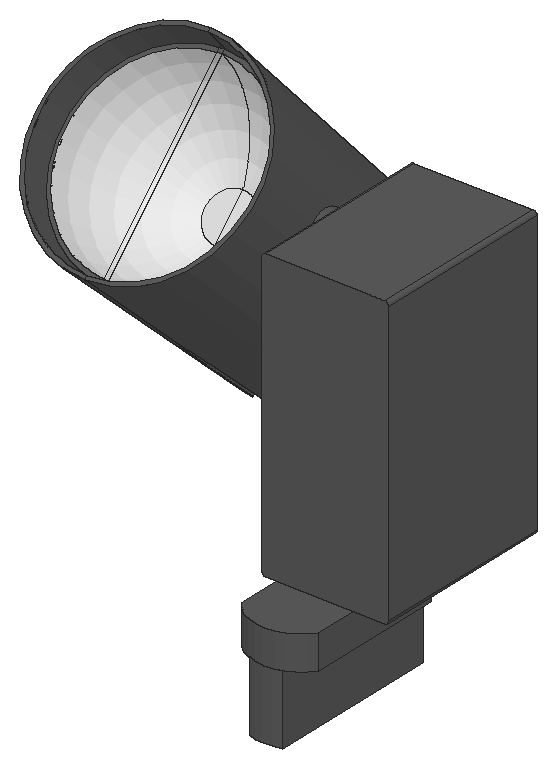
Revit family "0004897 Feilo Sylvania Lighting Fixture START TRACK SPOT S 14W 4K RA90 WB BLACK", category Lighting Fixtures, host Face, Revit 2017 (continued)
Definition of nested family "Start Track Spot Head"
  Types (96, lengths in mm): name | Wattage | built-in parameter 1150134 | Photometric Web File | Model | built-in parameter 1150105 | Lumens | built-in parameter 1150107 | built-in parameter 1150106 | HeadThickness_FEILO | HeadRibOffset_FEILO | HeadRibDepth_FEILO | HeadRibCutWidth_FEILO | HeadRibCutOffset_FEILO | HeadReflectorRadius_FEILO | HeadReflectorOffset_FEILO | HeadLEDRadius_FEILO | HeadHeight_FEILO | HeadDiffusorOffset_FEILO | HeadDiaOut_FEILO | HeadDiaIn_FEILO | HeadAxisFromTop_FEILO | Emit from Circle Diameter | built-in parameter 1150104 | Description | Apparent Load
    0004812 START TRACK SPOT S 14W 3K RA80 MB WHITE | 14 W | (empty or 0) | "0004812.ies" | "START TRACK SPOT S 14W 3K RA80 MB WHITE" | 120.32 (stored number, unit not read) | 1512 lm | 3000 (stored number, unit not read) | 1.2032 (stored number, unit not read) | 1.5 | 4.179 | 55.714 | 7.167 | 50.87 | 50.588 | 55.714 | 9.556 | 117 | 9.435 | 86 | 77.477 | 69.354 | 77.477 | 10.034 (stored number, unit not read) | "Integrated LED spotlight, Textured White - RAL9016, compact and minimalist design, ideal for retail applications, die-cast aluminium body, passive cooling heatsink. Beam angle: 36°, color temperature: 3000K , total system power: 14W, total fixture output: 1508 lm, LOR: 100%, colour rendering: Ra: 80 typical, LED Chromaticity: 3 step MacAdam ellipse, lifetime: >50000 hours at L70B50, energy class: A++, A+, A, IR/UV free light source without heat radiation, operating voltage: 220-240V / 50-60Hz, drive current: 350mA, electronic driver, non-dimmable, power factor: 0.92, electrical protection: Class II, Global Track 3 Phase adapter suitable for Global trac 3-circuit tracks, ingress protection rating: IP20, suitable for internal environment only, horizontal rotation: 355°, vertical tilt: 90°, dimensions: Ø86x140x200, weight: 0.940kg." | 14 VA
    0004811 START TRACK SPOT S 14W 3K RA80 NB WHITE | 14 W | (empty or 0) | "0004811.ies" | "START TRACK SPOT S 14W 3K RA80 NB WHITE" | 123.66 (stored number, unit not read) | 1554 lm | 3000 (stored number, unit not read) | 1.2366 (stored number, unit not read) | 1.5 | 4.179 | 55.714 | 7.167 | 50.87 | 50.588 | 55.714 | 9.556 | 117 | 9.435 | 86 | 77.477 | 69.354 | 77.477 | 10.312 (stored number, unit not read) | "Integrated LED spotlight, Textured White - RAL9016, compact and minimalist design, ideal for retail applications, die-cast aluminium body, passive cooling heatsink. Beam angle: 12°, color temperature: 3000K , total system power: 14W, total fixture output: 1551 lm, LOR: 100%, colour rendering: Ra: 80 typical, LED Chromaticity: 3 step MacAdam ellipse, lifetime: >50000 hours at L70B50, energy class: A++, A+, A, IR/UV free light source without heat radiation, operating voltage: 220-240V / 50-60Hz, drive current: 350mA, electronic driver, non-dimmable, power factor: 0.92, electrical protection: Class II, Global Track 3 Phase adapter suitable for Global trac 3-circuit tracks, ingress protection rating: IP20, suitable for internal environment only, horizontal rotation: 355°, vertical tilt: 90°, dimensions: Ø86x140x200, weight: 0.940kg." | 14 VA
  Reference planes
    plane 1 "Center (Front/Back)": y = 0
    plane 2: z = 0
    plane 3 "Center (Left/Right)": x = 0
    plane 4: x = 43
    plane 5: x = -43
    plane 6: x = -38.739
    plane 7: x = 38.739
    plane 8: z = 69.354
    plane 9: z = -47.646
    plane 10: x = -41.5
    plane 11: x = -37.239
    plane 12: z = -38.211
    plane 13: z = -35.211
    plane 14: z = 8.068
    plane 15: x = -9.556
    plane 16: x = -28.667
    plane 17: x = -19.111
    plane 18: x = -27.167
    plane 19: x = -17.611
    plane 20: x = -8.056
    plane 21: z = 13.64
    plane 22: x = -29.667
    plane 23: x = -26.167
    plane 24: x = -20.111
    plane 25: x = -16.611
    plane 26: x = -10.556
    plane 27: x = -7.056
    plane 28: x = -36.239
    plane 29: x = -40.5
    plane 30: z = 65.175
    plane 31: z = 60.997
    plane 32: z = 56.818
    plane 33: z = 18.484
    plane 34: y = -43
    plane 35: y = 43
    plane 36: y = 3.583
    plane 37: y = -3.583
    plane 38: y = -2.583
    plane 39: y = 2.583
    plane 40: y = 46
    plane 41: z = 13.5
    plane 42: z = -13.5
    plane 43: y = 39
    plane 44: x = 4.708
    plane 45: x = -2.458
    plane 46: x = -1.458
    plane 47: x = 1.458
  Forms (mm)
    Extrusion 1, solid
      sketch origin (4.2, 0, 0) x (1, 0, 0) y (0, 1, 0)
        loop
          line (-1219.2, 1219.2) -> (-1219.2, -1219.2) -> (1219.2, -1219.2) -> (1219.2, 1219.2) -> (-1219.2, 1219.2)
      from 0 to -68.017
    Revolve 2, solid, material <- "Material_1_FEILO", detail levels medium+fine
      sketch origin (0, 0, 0) x (1, 0, 0) y (0, 0, 1)
        loop
          line (-43, -47.646) -> (-41.5, -47.646) -> (-40.5, -35.211) -> (-38.739, -35.211)
          arc (-38.739, -35.211) -> (-30.16, -9.517) -> (-9.556, 8.068) r 50.588
          line (-9.556, 8.068) -> (0, 8.068) -> (0, 13.64) -> (-16.611, 13.64) -> (-17.611, 60.997) -> (-19.111, 60.997) -> (-20.111, 13.64) -> (-36.239, 13.64) -> (-37.239, 69.354) -> (-38.739, 69.354) -> (-43, -47.646)
        axis (0, 69.354) -> (0, -47.646)
      angle from 360 to 0
    Extrusion 3, void
      sketch origin (0, 0, 0) x (0, 1, 0) y (0, 0, 1)
        loop
          line (-3.583, 69.354) -> (-2.583, 18.484) -> (1.932, 18.484) -> (2.932, 69.354) -> (-3.583, 69.354)
      from 43 to -43
    Revolve 4, solid, material <- "Material_2_FEILO", detail levels medium+fine
      sketch origin (0, 0, 0) x (1, 0, 0) y (0, 0, 1)
        loop
          line (-41.5, -38.211) -> (0, -38.211) -> (0, -35.211) -> (-41.5, -35.211) -> (-41.5, -38.211)
        axis (0, -35.211) -> (0, -38.211)
      angle from 360 to 0
    Revolve 5, solid, material <- "Material_1_FEILO"
      sketch origin (0, 0, 0) x (0, 1, 0) y (0, 0, 1)
        loop
          line (46, 0) -> (39, 0) -> (39, -13.5) -> (46, -13.5) -> (46, 0)
        axis (39, 0) -> (46, 0)
      angle from 360 to 0
    Revolve 6, solid, material <- "Material_1_FEILO", detail levels medium+fine
      sketch origin (0, 0, 0) x (1, 0, 0) y (0, 0, 1)
        loop
          line (-29.667, 13.64) -> (-26.167, 13.64) -> (-27.167, 65.175) -> (-28.667, 65.175) -> (-29.667, 13.64)
        loop
          line (-10.556, 13.64) -> (-7.056, 13.64) -> (-7.833, 56.818) -> (-9.778, 56.818) -> (-10.556, 13.64)
        axis (0, 65.175) -> (0, 13.64)
      angle from 360 to 0
    Extrusion 7, void
      sketch origin (0, 0, 0) x (1, 0, 0) y (0, 0, 1)
        loop
          line (4.708, 69.354) -> (-2.458, 69.354) -> (-1.458, 13.64) -> (1.458, 13.64) -> (4.708, 69.354)
      from -43 to 43
    Revolve 8, solid, material <- "Material_1_FEILO", detail levels coarse
      sketch origin (0, 0, 0) x (1, 0, 0) y (0, 0, 1)
        loop
          line (0, 69.354) -> (-38.739, 69.354) -> (-43, -47.646) -> (-41.5, -47.646) -> (-40.731, -38.211) -> (0, -38.211) -> (0, 69.354)
        axis (0, 69.354) -> (0, -47.646)
      angle from 360 to 0
  Cuts and joins
    Extrusion 3 cuts Revolve 2
    Extrusion 7 cuts Revolve 6
  Dimensions and locks
    equal spacing: plane 7, plane 3 "Center (Left/Right)", plane 6
    equal spacing: plane 4, plane 3 "Center (Left/Right)", plane 5
    "HeadDiaOut_FEILO": plane 4 to plane 5
    "HeadDiaIn_FEILO": plane 7 to plane 6
    "HeadHeight_FEILO": plane 8 to plane 9
    "HeadThickness_FEILO": plane 10 to plane 5
    "HeadThickness_FEILO": plane 11 to plane 6
    "HeadDiffusorOffset_FEILO": plane 12 to plane 9
    "HeadDiffusorThickness_FEILO": plane 13 to plane 12
    "HeadReflectorOffset_FEILO": plane 14 to plane 9
    "HeadLEDRadius_FEILO": plane 3 "Center (Left/Right)" to plane 15
    "HeadLEDRadius_FEILO": plane 15 to plane 17
    "HeadLEDRadius_FEILO": plane 17 to plane 16
    "HeadThickness_FEILO": plane 18 to plane 16
    "HeadThickness_FEILO": plane 19 to plane 17
    "HeadThickness_FEILO": plane 20 to plane 15
    "HeadRibDepth_FEILO": plane 8 to plane 21
    "HeadDraft_FEILO": plane 16 to plane 22
    "HeadDraft_FEILO": plane 23 to plane 18
    "HeadDraft_FEILO": plane 17 to plane 24
    "HeadDraft_FEILO": plane 25 to plane 19
    "HeadDraft_FEILO": plane 15 to plane 26
    "HeadDraft_FEILO": plane 27 to plane 20
    "HeadDraft_FEILO": plane 29 to plane 10
    "HeadDraft_FEILO": plane 28 to plane 11
    "HeadRibOffset_FEILO": plane 8 to plane 30
    "HeadRibOffset_FEILO": plane 30 to plane 31
    "HeadRibOffset_FEILO": plane 31 to plane 32
    "HeadAxisFromTop_FEILO": plane 8 to plane 2
    "HeadRibCutOffset_FEILO": plane 8 to plane 33
    equal spacing: plane 34, plane 1 "Center (Front/Back)", plane 35
    "HeadDiaOut_FEILO": plane 34 to plane 35
    equal spacing: plane 38, plane 1 "Center (Front/Back)", plane 39
    equal spacing: plane 37, plane 1 "Center (Front/Back)", plane 36
    "HeadRibCutWidth_FEILO": plane 37 to plane 36
    "HeadDraft_FEILO": plane 37 to plane 38
    locked: plane 35 to plane 40 at 3
    equal spacing: plane 41, plane 2, plane 42
    locked: plane 42 to plane 41 at 27
    locked: plane 43 to plane 35 at 4
    equal spacing: plane 45, imposter light, plane 44
    "HeadDraft_FEILO": plane 46 to plane 45
    "HeadRibCutWidth_FEILO": plane 44 to plane 45
    equal spacing: plane 47, plane 3 "Center (Left/Right)", plane 46
    "HeadReflectorRadius_FEILO": radius of Revolve 2 sketch curve
    aligned and locked: plane 2 to Extrusion 1
    aligned and locked: level to Extrusion 1
    aligned and locked: Revolve 2 sketch curve to plane 3 "Center (Left/Right)"  (x2)
    aligned and locked: plane 9 to Revolve 2 sketch curve  (x2)
    aligned and locked: plane 5 to Revolve 2 sketch curve
    aligned and locked: plane 10 to Revolve 2 sketch curve
    aligned and locked: plane 14 to Revolve 2 sketch curve
    aligned and locked: plane 8 to Revolve 2 sketch curve
    aligned and locked: Revolve 2 sketch curve to plane 13
    aligned and locked: plane 12 to Revolve 4 sketch curve
    aligned and locked: plane 3 "Center (Left/Right)" to Revolve 4 sketch curve
    aligned and locked: Revolve 4 sketch curve to plane 10
    aligned and locked: Revolve 4 sketch curve to plane 3 "Center (Left/Right)"
    aligned and locked: plane 12 to imposter light
    aligned and locked: imposter light to plane 1 "Center (Front/Back)"
    aligned and locked: Revolve 5 sketch curve to plane 2
    aligned and locked: plane 43 to Revolve 5 sketch curve
    aligned and locked: plane 42 to Revolve 5 sketch curve
    aligned and locked: Revolve 6 sketch curve to plane 3 "Center (Left/Right)"
    aligned and locked: plane 22 to Revolve 6 sketch curve
    aligned and locked: plane 30 to Revolve 6 sketch curve
    aligned and locked: plane 23 to Revolve 6 sketch curve
    aligned and locked: Revolve 6 sketch curve to plane 21  (x2)
    aligned and locked: plane 21 to Revolve 6 sketch curve
    aligned and locked: plane 17 to Revolve 2 sketch curve
    aligned and locked: plane 19 to Revolve 2 sketch curve
    aligned and locked: plane 31 to Revolve 2 sketch curve
    aligned and locked: plane 21 to Revolve 2 sketch curve
    aligned and locked: Extrusion 3 to plane 8
    aligned and locked: plane 33 to Extrusion 3
    aligned and locked: plane 8 to Extrusion 3 sketch curve
    aligned and locked: Extrusion 3 sketch curve to plane 33
    aligned and locked: Extrusion 3 to plane 5
    aligned and locked: plane 4 to Extrusion 3
    aligned and locked: plane 32 to Revolve 6 sketch curve
    aligned and locked: plane 44 to Extrusion 7 sketch curve
    aligned and locked: Extrusion 7 sketch curve to plane 8
    aligned and locked: plane 46 to Extrusion 7 sketch curve
    aligned and locked: plane 21 to Extrusion 7 sketch curve
    aligned and locked: plane 34 to Extrusion 7
    aligned and locked: Extrusion 7 to plane 35
    aligned and locked: Revolve 4 sketch curve to plane 13
    aligned and locked: Revolve 5 sketch curve to plane 40
    aligned and locked: Revolve 8 sketch curve to plane 3 "Center (Left/Right)"
    aligned and locked: Revolve 8 sketch curve to cut or joined group of Revolve 2, Extrusion 3  (x3)
    aligned and locked: plane 5 to Revolve 8 sketch curve
    aligned and locked: plane 3 "Center (Left/Right)" to Revolve 8 sketch curve
    aligned and locked: plane 12 to Revolve 8 sketch curve
  Automatic sketch dimensions
    Extrusion 1 sketch curve to Extrusion 1 sketch curve = 2438.4 mm  (x2)
    Extrusion 3 sketch curve to plane 37 = 0 mm
    Extrusion 3 sketch curve to plane 38 = 0 mm
    plane 39 to Extrusion 3 sketch curve = 0.651 mm
    Extrusion 3 sketch curve to plane 39 = 0.349 mm
    Revolve 6 sketch curve to plane 16 = 0 mm
    Revolve 6 sketch curve to plane 18 = 0 mm
    Revolve 6 sketch curve to plane 26 = 0 mm
    Revolve 6 sketch curve to plane 27 = 0 mm
    Revolve 6 sketch curve to plane 15 = 0.222 mm
    plane 9 to Revolve 6 sketch curve = 559.103 mm
    Revolve 6 sketch curve to plane 8 = 2535.555 mm
    plane 20 to Revolve 6 sketch curve = 0.222 mm
    Revolve 2 sketch curve to plane 29 = 0 mm
    Revolve 2 sketch curve to plane 6 = 0 mm  (x2)
    Revolve 2 sketch curve to plane 11 = 0 mm
    Revolve 2 sketch curve to plane 21 = 0 mm
    Revolve 2 sketch curve to plane 28 = 0 mm
    Revolve 2 sketch curve to plane 24 = 0 mm
    Revolve 2 sketch curve to plane 25 = 0 mm
    Revolve 2 sketch curve to plane 15 = 0 mm
    Revolve 2 sketch curve to Revolve 2 sketch curve = 557.155 mm
    Revolve 2 sketch curve to plane 8 = 2535.558 mm
    Extrusion 7 sketch curve to plane 45 = 0 mm
    Extrusion 7 sketch curve to plane 47 = 0 mm
    plane 9 to Revolve 4 sketch curve = 559.103 mm
    Revolve 4 sketch curve to plane 8 = 2535.555 mm
    Revolve 5 sketch curve to level = 0 mm
    plane 34 to Revolve 5 sketch curve = 1968.092 mm
    Revolve 5 sketch curve to plane 40 = 1405.763 mm
    Revolve 8 sketch curve to plane 6 = 0 mm
    Revolve 8 sketch curve to plane 29 = 0.231 mm
    plane 9 to Revolve 8 sketch curve = 559.103 mm
    Revolve 8 sketch curve to Revolve 8 sketch curve = 2535.555 mm
Definition of nested family "Start Track Spot Box"
  Parameters (values of type "Type Large White")
    URL = "http://www.feilosylvania.com"
    Type Image = (empty or 0)
    Type Comments = "n/a"
    Small_FEILO = no
    Material_3_FEILO = none
    Model = ""
    Manufacturer = "Feilo Sylvania"
    Keynote = ""
    Material_2_FEILO = none
    Description = ""
    Default Elevation = 1219.2 mm
    Cost = 0
    Material_1_FEILO = none
    BoxWidth_FEILO = 49 mm
    BoxStartAngle_FEILO [instance] = 0.00°
    BoxRadius_FEILO = 1.5 mm
    BoxHeight_FEILO = if(Small_FEILO, 112 mm, 136 mm)  # 136 mm
    BoxEndAngle_FEILO [instance] = BoxStartAngle_FEILO - 180.00°  # -180.00°
    BoxDepth_FEILO = if(Small_FEILO, 71.5 mm, 79 mm)  # 79 mm
    BoxAxisVerticalOffset_FEILO = 16 mm
    BoxAxisOffset_FEILO = BoxHeight_FEILO / 6.8  # 20 mm
    Assembly Code = ""
    Material_4_FEILO = none
  Types (4, lengths in mm): name | Small_FEILO | BoxHeight_FEILO | BoxDepth_FEILO | BoxAxisOffset_FEILO
    Type Large White | no | 136 | 79 | 20
    Type Small White | yes | 112 | 71.5 | 16.471
    Type Small Black | yes | 112 | 71.5 | 16.471
    Type Large Black | no | 136 | 79 | 20
  Reference planes
    plane 1 "Center (Front/Back)": y = 0
    plane 2: z = 0
    plane 3 "Center (Left/Right)": x = 0
    plane 4: x = 24.5
    plane 5: x = -24.5
    plane 6: y = 68
    plane 7: y = -68
    plane 8: z = 39.5
    plane 9: z = -39.5
    plane 10: y = -48
    plane 11: x = 30.5
    plane 12: x = 8.5
    plane 13: x = 21.5
    plane 14: y = 70
    plane 15: y = 72
    plane 16: x = 19.5
  Forms (mm)
    Extrusion 1, solid
      sketch origin (4.2, 0, 0) x (1, 0, 0) y (0, 1, 0)
        loop
          line (-1219.2, 1219.2) -> (-1219.2, -1219.2) -> (1219.2, -1219.2) -> (1219.2, 1219.2) -> (-1219.2, 1219.2)
      from 0 to -68.017
    Extrusion 2, solid, material <- "Material_1_FEILO"
      sketch origin (0, 0, 0) x (1, 0, 0) y (0, 1, 0)
        loop
          arc (-23, 68) -> (-24.061, 67.561) -> (-24.5, 66.5) r 1.5
          line (-24.5, 66.5) -> (-24.5, -66.5)
          arc (-24.5, -66.5) -> (-24.061, -67.561) -> (-23, -68) r 1.5
          line (-23, -68) -> (23, -68)
          arc (23, -68) -> (24.061, -67.561) -> (24.5, -66.5) r 1.5
          line (24.5, -66.5) -> (24.5, 66.5)
          arc (24.5, 66.5) -> (24.061, 67.561) -> (23, 68) r 1.5
          line (23, 68) -> (-23, 68)
      from -39.5 to 39.5
    Revolve 3, solid, not visible
      sketch origin (0, 0, 0) x (1, 0, 0) y (0, 1, 0)
        loop
          line (30.5, -48) -> (24.5, -48) -> (24.5, -68) -> (30.5, -68) -> (30.5, -48)
        axis (30.5, -48) -> (24.5, -48)
      angle from 0 <- "BoxStartAngle_FEILO" to -180 <- "BoxEndAngle_FEILO"
    Revolve 4, solid, material <- "Material_2_FEILO"
      sketch origin (0, 0, 0) x (1, 0, 0) y (0, 1, 0)
        loop
          line (8.5, 68) -> (19.5, 68) -> (19.5, 70) -> (21.5, 70) -> (21.5, 72) -> (8.5, 72) -> (8.5, 68)
        axis (8.5, 72) -> (8.5, 68)
      angle from 360 to 0
  Dimensions and locks
    equal spacing: plane 5, plane 3 "Center (Left/Right)", plane 4
    "BoxWidth_FEILO": plane 5 to plane 4
    equal spacing: plane 7, plane 1 "Center (Front/Back)", plane 6
    "BoxHeight_FEILO": plane 7 to plane 6
    equal spacing: plane 8, plane 2, plane 9
    "BoxDepth_FEILO": plane 8 to plane 9
    "BoxAxisOffset_FEILO": plane 7 to plane 10
    locked: plane 4 to plane 11 at 6
    "BoxAxisVerticalOffset_FEILO": plane 12 to plane 4
    locked: plane 12 to plane 13 at 13
    plane 6 to plane 14 to plane 15 = 2 mm locked, 2 mm locked
    locked: plane 12 to plane 16 at 11
    "BoxRadius_FEILO": radius of Extrusion 2 sketch curve  (x4)
    aligned and locked: plane 2 to Extrusion 1
    aligned and locked: level to Extrusion 1
    aligned and locked: plane 6 to Extrusion 2 sketch curve
    aligned and locked: plane 5 to Extrusion 2 sketch curve
    aligned and locked: Extrusion 2 sketch curve to plane 7
    aligned and locked: Extrusion 2 sketch curve to plane 4
    aligned and locked: Extrusion 2 to plane 8
    aligned and locked: plane 9 to Extrusion 2
    aligned and locked: Revolve 3 sketch curve to plane 10  (x2)
    aligned and locked: plane 11 to Revolve 3 sketch curve
    aligned and locked: Revolve 3 sketch curve to plane 4
    aligned and locked: plane 7 to Revolve 3 sketch curve
    aligned and locked: Revolve 4 sketch curve to plane 12
    aligned and locked: plane 6 to Revolve 4 sketch curve
    aligned and locked: plane 12 to Revolve 4 sketch curve
    aligned and locked: plane 15 to Revolve 4 sketch curve
    aligned and locked: Revolve 4 sketch curve to plane 13
    aligned and locked: Revolve 4 sketch curve to plane 14
    aligned and locked: Revolve 4 sketch curve to plane 16
    aligned and locked: Revolve 4 sketch curve to plane 6
  Automatic sketch dimensions
    Extrusion 1 sketch curve to Extrusion 1 sketch curve = 2438.4 mm  (x2)
    Revolve 3 sketch curve to plane 5 = 1499.5 mm
    plane 11 to Revolve 3 sketch curve = 1493.5 mm
    plane 15 to Revolve 4 sketch curve = 0 mm
    plane 7 to Revolve 4 sketch curve = 1456 mm
    Revolve 4 sketch curve to plane 15 = 1452 mm
